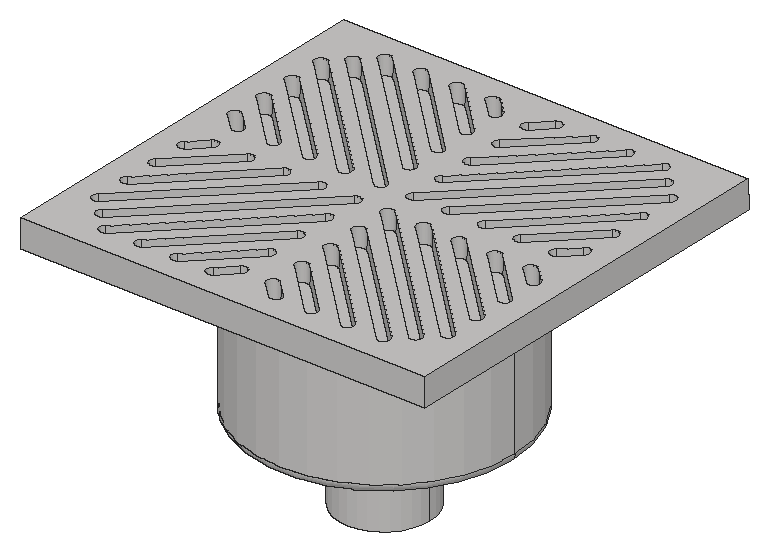
Revit family
Parameters (values of type "9620-S-2"")
  Width = 10"
  Waste Connection Radius = 1"
  Waste Connection Diameter = Waste Connection Radius * 2  # 2"
  Waste Connection = yes
  Vent Connection = no
  URL = "www.jrsmith.com"
  Price = "Prices may vary. Please consult Manufacturer Representative for most up-to-date price list."  # constant formula
  Phone Number = "416-250-5656"  # constant formula
  Omniclass Table 23 Title = "Waste Water Drains"  # constant formula
  Omniclass Table 23 Code = "23.70.50.21.24"  # constant formula
  Model = "9620-S-2\""
  Material = Metal-Jay R Smith-Stainless Steel
  Masterformat Title = "Sanitary Drains"  # constant formula
  Masterformat Number = "22 13 19.13"  # constant formula
  Manufacturer = "Jay R. Smith"
  Length = Width  # 10"
  Height = 6 3/4"
  HW Connection = no
  Description = "10\" Square topped special purpose floor drain with heavy duty rim flow grate."
  Default Elevation = 0"
  Creation Date = "27/10/2014"  # constant formula
  Created By = "Allied Technical Services"  # constant formula
  CW Connection = no
  Assembly Code = "D2030300"
  ATS URL = "http://www.atsspec.net"
Types (7): name | Waste Connection Radius | Waste Connection Diameter | Model | Height
  (no name) | 1" | 2" | "9620-S-2\"" | 6 3/4"
  9620-S-2" | 1" | 2" | "9620-S-2\"" | 6 3/4"
  9620-S-3" | 1 1/2" | 3" | "9620-S-3\"" | 6 3/4"
  9620-S-4" | 2" | 4" | "9620-S-4\"" | 6 3/4"
  9621-S-2" | 1" | 2" | "9621-S-2\"" | 8 3/4"
  9621-S-3" | 1 1/2" | 3" | "9621-S-3\"" | 8 3/4"
  9621-S-4" | 2" | 4" | "9621-S-3\"" | 8 3/4"
Reference planes (in)
  plane 1 "Center (Front/Back)": y = 0
  plane 2: z = 0
  plane 3 "Center (Left/Right)": x = 0
  plane 4: x = -5
  plane 5: x = 5
  plane 6: z = 6.75
  plane 7: z = 2
  plane 8: x = -1
  plane 9: x = 1
  plane 10: x = 0
  plane 11: y = 0
  plane 12: z = 6.29324
  plane 13: z = 6.06577
Forms (in)
  Revolve 1, solid, material "Metal-Jay R Smith-Stainless Steel" <- "Material"
    sketch origin (0, 0, 0) x (1, 0, 0) y (0, 0, 1)
      loop
        line (-3.22646, 5.04867) -> (-3.22646, 2.21875)
        arc (-3.22646, 2.21875) -> (-3.16239, 2.06407) -> (-3.00771, 2) r 0.21875
        line (-3.00771, 2) -> (-1.125, 2) -> (-1.125, 0) -> (-1, 0) -> (-1, 6.06577) -> (-3.99909, 6.06577) -> (-3.99909, 5.55572)
        arc (-3.99909, 5.55572) -> (-3.95144, 5.44069) -> (-3.83641, 5.39304) r 0.16268
        line (-3.83641, 5.39304) -> (-3.57083, 5.39304)
        arc (-3.57083, 5.39304) -> (-3.32732, 5.29218) -> (-3.22646, 5.04867) r 0.34437
      axis (0, 0) -> (0, 6.06577)
    angle from 0 to 360
  Extrusion 2, solid, material "Metal-Jay R Smith-Stainless Steel" <- "Material"
    sketch origin (-43.90802, -54.52824, 1.75) x (1, 0, 0) y (0, 1, 0)
      loop
        line (38.90802, 59.52824) -> (38.90802, 49.52824) -> (48.90802, 49.52824) -> (48.90802, 59.52824) -> (38.90802, 59.52824)
    from 4.31577 to 4.54324
  Extrusion 3, solid, material "Metal-Jay R Smith-Stainless Steel" <- "Material"
    sketch origin (0, 0, 1.75) x (1, 0, 0) y (0, 1, 0)
      loop
        line (-5, 5) -> (-5, -5) -> (5, -5) -> (5, 5) -> (-5, 5)
      loop
        arc (-4.20201, 0.88745) -> (-4.42299, 0.88745) -> (-4.42299, 0.66648) r 0.15625
        line (-4.42299, 0.66648) -> (-4.0522, 0.29569)
        arc (-4.0522, 0.29569) -> (-3.83121, 0.29585) -> (-3.83141, 0.51685) r 0.15625
        line (-3.83141, 0.51685) -> (-4.20201, 0.88745)
      loop
        arc (-4.20201, 1.77133) -> (-4.42299, 1.77133) -> (-4.42299, 1.55036) r 0.15625
        line (-4.42299, 1.55036) -> (-3.1683, 0.29568)
        arc (-3.1683, 0.29568) -> (-2.94732, 0.29586) -> (-2.94751, 0.51684) r 0.15625
        line (-2.94751, 0.51684) -> (-4.20201, 1.77133)
      loop
        arc (-4.20201, 2.65522) -> (-4.42299, 2.65522) -> (-4.42299, 2.43425) r 0.15625
        line (-4.42299, 2.43425) -> (-2.2845, 0.29576)
        arc (-2.2845, 0.29576) -> (-2.06349, 0.29581) -> (-2.06362, 0.51682) r 0.15625
        line (-2.06362, 0.51682) -> (-4.20201, 2.65522)
      loop
        arc (-4.20201, 3.5391) -> (-4.42299, 3.5391) -> (-4.42299, 3.31813) r 0.15625
        line (-4.42299, 3.31813) -> (-1.40062, 0.29576)
        arc (-1.40062, 0.29576) -> (-1.17965, 0.29576) -> (-1.17965, 0.51674) r 0.15625
        line (-1.17965, 0.51674) -> (-4.20201, 3.5391)
      loop
        arc (-0.51674, 0.29576) -> (-0.29576, 0.29576) -> (-0.29576, 0.51674) r 0.15625
        line (-0.29576, 0.51674) -> (-3.76007, 3.98104)
        arc (-3.76007, 3.98104) -> (-3.98104, 3.98104) -> (-3.98104, 3.76007) r 0.15625
        line (-3.98104, 3.76007) -> (-0.51674, 0.29576)
      loop
        arc (-0.51674, 1.17965) -> (-0.29576, 1.17965) -> (-0.29576, 1.40062) r 0.15625
        line (-0.29576, 1.40062) -> (-3.31813, 4.42299)
        arc (-3.31813, 4.42299) -> (-3.5391, 4.42299) -> (-3.5391, 4.20201) r 0.15625
        line (-3.5391, 4.20201) -> (-0.51674, 1.17965)
      loop
        arc (-0.51682, 2.06362) -> (-0.29581, 2.06349) -> (-0.29576, 2.2845) r 0.15625
        line (-0.29576, 2.2845) -> (-2.43425, 4.42299)
        arc (-2.43425, 4.42299) -> (-2.65522, 4.42299) -> (-2.65522, 4.20201) r 0.15625
        line (-2.65522, 4.20201) -> (-0.51682, 2.06362)
      loop
        arc (-0.51684, 2.94751) -> (-0.29586, 2.94732) -> (-0.29568, 3.1683) r 0.15625
        line (-0.29568, 3.1683) -> (-1.55036, 4.42299)
        arc (-1.55036, 4.42299) -> (-1.77134, 4.42299) -> (-1.77134, 4.20201) r 0.15625
        line (-1.77134, 4.20201) -> (-0.51684, 2.94751)
      loop
        arc (-0.51685, 3.83141) -> (-0.29586, 3.83121) -> (-0.29569, 4.0522) r 0.15625
        line (-0.29569, 4.0522) -> (-0.66648, 4.42299)
        arc (-0.66648, 4.42299) -> (-0.88745, 4.42299) -> (-0.88745, 4.20201) r 0.15625
        line (-0.88745, 4.20201) -> (-0.51685, 3.83141)
      loop
        line (4.20201, 0.88745) -> (3.83141, 0.51685)
        arc (3.83141, 0.51685) -> (3.83121, 0.29585) -> (4.0522, 0.29569) r 0.15625
        line (4.0522, 0.29569) -> (4.42299, 0.66648)
        arc (4.42299, 0.66648) -> (4.42299, 0.88745) -> (4.20201, 0.88745) r 0.15625
      loop
        line (4.20201, 1.77133) -> (2.94751, 0.51684)
        arc (2.94751, 0.51684) -> (2.94732, 0.29586) -> (3.1683, 0.29568) r 0.15625
        line (3.1683, 0.29568) -> (4.42299, 1.55036)
        arc (4.42299, 1.55036) -> (4.42299, 1.77133) -> (4.20201, 1.77133) r 0.15625
      loop
        line (4.20201, 2.65522) -> (2.06362, 0.51682)
        arc (2.06362, 0.51682) -> (2.06349, 0.29581) -> (2.2845, 0.29576) r 0.15625
        line (2.2845, 0.29576) -> (4.42299, 2.43425)
        arc (4.42299, 2.43425) -> (4.42299, 2.65522) -> (4.20201, 2.65522) r 0.15625
      loop
        line (4.20201, 3.5391) -> (1.17965, 0.51674)
        arc (1.17965, 0.51674) -> (1.17965, 0.29576) -> (1.40062, 0.29576) r 0.15625
        line (1.40062, 0.29576) -> (4.42299, 3.31813)
        arc (4.42299, 3.31813) -> (4.42299, 3.5391) -> (4.20201, 3.5391) r 0.15625
      loop
        line (0.51674, 0.29576) -> (3.98104, 3.76007)
        arc (3.98104, 3.76007) -> (3.98104, 3.98104) -> (3.76007, 3.98104) r 0.15625
        line (3.76007, 3.98104) -> (0.29576, 0.51674)
        arc (0.29576, 0.51674) -> (0.29576, 0.29576) -> (0.51674, 0.29576) r 0.15625
      loop
        line (0.51674, 1.17965) -> (3.5391, 4.20201)
        arc (3.5391, 4.20201) -> (3.5391, 4.42299) -> (3.31813, 4.42299) r 0.15625
        line (3.31813, 4.42299) -> (0.29576, 1.40062)
        arc (0.29576, 1.40062) -> (0.29576, 1.17965) -> (0.51674, 1.17965) r 0.15625
      loop
        line (0.51682, 2.06362) -> (2.65522, 4.20201)
        arc (2.65522, 4.20201) -> (2.65522, 4.42299) -> (2.43425, 4.42299) r 0.15625
        line (2.43425, 4.42299) -> (0.29576, 2.2845)
        arc (0.29576, 2.2845) -> (0.29581, 2.06349) -> (0.51682, 2.06362) r 0.15625
      loop
        line (0.51684, 2.94751) -> (1.77134, 4.20201)
        arc (1.77134, 4.20201) -> (1.77134, 4.42299) -> (1.55036, 4.42299) r 0.15625
        line (1.55036, 4.42299) -> (0.29568, 3.1683)
        arc (0.29568, 3.1683) -> (0.29586, 2.94732) -> (0.51684, 2.94751) r 0.15625
      loop
        line (0.51685, 3.83141) -> (0.88745, 4.20201)
        arc (0.88745, 4.20201) -> (0.88745, 4.42299) -> (0.66648, 4.42299) r 0.15625
        line (0.66648, 4.42299) -> (0.29569, 4.0522)
        arc (0.29569, 4.0522) -> (0.29586, 3.83121) -> (0.51685, 3.83141) r 0.15625
      loop
        line (-4.20201, -0.88745) -> (-3.83141, -0.51685)
        arc (-3.83141, -0.51685) -> (-3.83121, -0.29585) -> (-4.0522, -0.29569) r 0.15625
        line (-4.0522, -0.29569) -> (-4.42299, -0.66648)
        arc (-4.42299, -0.66648) -> (-4.42299, -0.88745) -> (-4.20201, -0.88745) r 0.15625
      loop
        line (-4.20201, -1.77133) -> (-2.94751, -0.51684)
        arc (-2.94751, -0.51684) -> (-2.94732, -0.29586) -> (-3.1683, -0.29568) r 0.15625
        line (-3.1683, -0.29568) -> (-4.42299, -1.55036)
        arc (-4.42299, -1.55036) -> (-4.42299, -1.77133) -> (-4.20201, -1.77133) r 0.15625
      loop
        line (-4.20201, -2.65522) -> (-2.06362, -0.51682)
        arc (-2.06362, -0.51682) -> (-2.06349, -0.29581) -> (-2.2845, -0.29576) r 0.15625
        line (-2.2845, -0.29576) -> (-4.42299, -2.43425)
        arc (-4.42299, -2.43425) -> (-4.42299, -2.65522) -> (-4.20201, -2.65522) r 0.15625
      loop
        line (-4.20201, -3.5391) -> (-1.17965, -0.51674)
        arc (-1.17965, -0.51674) -> (-1.17965, -0.29576) -> (-1.40062, -0.29576) r 0.15625
        line (-1.40062, -0.29576) -> (-4.42299, -3.31813)
        arc (-4.42299, -3.31813) -> (-4.42299, -3.5391) -> (-4.20201, -3.5391) r 0.15625
      loop
        line (-0.51674, -0.29576) -> (-3.98104, -3.76007)
        arc (-3.98104, -3.76007) -> (-3.98104, -3.98104) -> (-3.76007, -3.98104) r 0.15625
        line (-3.76007, -3.98104) -> (-0.29576, -0.51674)
        arc (-0.29576, -0.51674) -> (-0.29576, -0.29576) -> (-0.51674, -0.29576) r 0.15625
      loop
        line (-0.51674, -1.17965) -> (-3.5391, -4.20201)
        arc (-3.5391, -4.20201) -> (-3.5391, -4.42299) -> (-3.31813, -4.42299) r 0.15625
        line (-3.31813, -4.42299) -> (-0.29576, -1.40062)
        arc (-0.29576, -1.40062) -> (-0.29576, -1.17965) -> (-0.51674, -1.17965) r 0.15625
      loop
        line (-0.51682, -2.06362) -> (-2.65522, -4.20201)
        arc (-2.65522, -4.20201) -> (-2.65522, -4.42299) -> (-2.43425, -4.42299) r 0.15625
        line (-2.43425, -4.42299) -> (-0.29576, -2.2845)
        arc (-0.29576, -2.2845) -> (-0.29581, -2.06349) -> (-0.51682, -2.06362) r 0.15625
      loop
        line (-0.51684, -2.94751) -> (-1.77134, -4.20201)
        arc (-1.77134, -4.20201) -> (-1.77134, -4.42299) -> (-1.55036, -4.42299) r 0.15625
        line (-1.55036, -4.42299) -> (-0.29568, -3.1683)
        arc (-0.29568, -3.1683) -> (-0.29586, -2.94732) -> (-0.51684, -2.94751) r 0.15625
      loop
        line (-0.51685, -3.83141) -> (-0.88745, -4.20201)
        arc (-0.88745, -4.20201) -> (-0.88745, -4.42299) -> (-0.66648, -4.42299) r 0.15625
        line (-0.66648, -4.42299) -> (-0.29569, -4.0522)
        arc (-0.29569, -4.0522) -> (-0.29586, -3.83121) -> (-0.51685, -3.83141) r 0.15625
      loop
        arc (4.20201, -0.88745) -> (4.42299, -0.88745) -> (4.42299, -0.66648) r 0.15625
        line (4.42299, -0.66648) -> (4.0522, -0.29569)
        arc (4.0522, -0.29569) -> (3.83121, -0.29585) -> (3.83141, -0.51685) r 0.15625
        line (3.83141, -0.51685) -> (4.20201, -0.88745)
      loop
        arc (4.20201, -1.77133) -> (4.42299, -1.77133) -> (4.42299, -1.55036) r 0.15625
        line (4.42299, -1.55036) -> (3.1683, -0.29568)
        arc (3.1683, -0.29568) -> (2.94732, -0.29586) -> (2.94751, -0.51684) r 0.15625
        line (2.94751, -0.51684) -> (4.20201, -1.77133)
      loop
        arc (4.20201, -2.65522) -> (4.42299, -2.65522) -> (4.42299, -2.43425) r 0.15625
        line (4.42299, -2.43425) -> (2.2845, -0.29576)
        arc (2.2845, -0.29576) -> (2.06349, -0.29581) -> (2.06362, -0.51682) r 0.15625
        line (2.06362, -0.51682) -> (4.20201, -2.65522)
      loop
        arc (4.20201, -3.5391) -> (4.42299, -3.5391) -> (4.42299, -3.31813) r 0.15625
        line (4.42299, -3.31813) -> (1.40062, -0.29576)
        arc (1.40062, -0.29576) -> (1.17965, -0.29576) -> (1.17965, -0.51674) r 0.15625
        line (1.17965, -0.51674) -> (4.20201, -3.5391)
      loop
        arc (0.51674, -0.29576) -> (0.29576, -0.29576) -> (0.29576, -0.51674) r 0.15625
        line (0.29576, -0.51674) -> (3.76007, -3.98104)
        arc (3.76007, -3.98104) -> (3.98104, -3.98104) -> (3.98104, -3.76007) r 0.15625
        line (3.98104, -3.76007) -> (0.51674, -0.29576)
      loop
        arc (0.51674, -1.17965) -> (0.29576, -1.17965) -> (0.29576, -1.40062) r 0.15625
        line (0.29576, -1.40062) -> (3.31813, -4.42299)
        arc (3.31813, -4.42299) -> (3.5391, -4.42299) -> (3.5391, -4.20201) r 0.15625
        line (3.5391, -4.20201) -> (0.51674, -1.17965)
      loop
        arc (0.51682, -2.06362) -> (0.29581, -2.06349) -> (0.29576, -2.2845) r 0.15625
        line (0.29576, -2.2845) -> (2.43425, -4.42299)
        arc (2.43425, -4.42299) -> (2.65522, -4.42299) -> (2.65522, -4.20201) r 0.15625
        line (2.65522, -4.20201) -> (0.51682, -2.06362)
      loop
        arc (0.51684, -2.94751) -> (0.29586, -2.94732) -> (0.29568, -3.1683) r 0.15625
        line (0.29568, -3.1683) -> (1.55036, -4.42299)
        arc (1.55036, -4.42299) -> (1.77134, -4.42299) -> (1.77134, -4.20201) r 0.15625
        line (1.77134, -4.20201) -> (0.51684, -2.94751)
      loop
        arc (0.51685, -3.83141) -> (0.29586, -3.83121) -> (0.29569, -4.0522) r 0.15625
        line (0.29569, -4.0522) -> (0.66648, -4.42299)
        arc (0.66648, -4.42299) -> (0.88745, -4.42299) -> (0.88745, -4.20201) r 0.15625
        line (0.88745, -4.20201) -> (0.51685, -3.83141)
    from 4.54324 to 5
Cuts and joins
  joined: Extrusion 2, Extrusion 3
Dimensions and locks (in)
  "Height": plane 6 to plane 2
  "Waste Connection Diameter": plane 9 to plane 8
  "Width": plane 5 to plane 4
  plane 7 to level = 2"
  equal spacing: plane 9, plane 3 "Center (Left/Right)", plane 8
  equal spacing: plane 5, plane 3 "Center (Left/Right)", plane 4
  locked: plane 8 to Revolve 1 sketch curve at 0.125
  locked: Revolve 1 sketch curve to plane 4 at 1.00091
  locked: Revolve 1 sketch curve to plane 4 at 1.77354
  locked: plane 6 to plane 12 at 0.45676
  locked: plane 12 to plane 13 at 0.22747
  plane 6 to plane 7 = 4 3/4"
  aligned and locked: plane 8 to Revolve 1 sketch curve
  aligned and locked: Revolve 1 sketch curve to plane 7
  aligned and locked: cut or joined group of Extrusion 2, Extrusion 3 to plane 12
  aligned and locked: plane 6 to cut or joined group of Extrusion 2, Extrusion 3
  aligned and locked: plane 12 to cut or joined group of Extrusion 2, Extrusion 3
  aligned and locked: cut or joined group of Extrusion 2, Extrusion 3 to plane 13
Automatic sketch dimensions
  Revolve 1 sketch curve to plane 3 "Center (Left/Right)" = 0"
  Revolve 1 sketch curve to level = 0"
  Revolve 1 sketch curve to Revolve 1 sketch curve = 0.16268"
  Revolve 1 sketch curve to Revolve 1 sketch curve = 0.26558"
  Revolve 1 sketch curve to Revolve 1 sketch curve = 7/32"
  Revolve 1 sketch curve to level = 1 3/4"
  Revolve 1 sketch curve to Revolve 1 sketch curve = 3/4"
  Revolve 1 sketch curve to plane 6 = 1.70133"
  Revolve 1 sketch curve to Revolve 1 sketch curve = 0.51005"
  Extrusion 2 sketch curve to plane 4 = 0"
  Extrusion 2 sketch curve to plane 5 = 0"
  plane 1 "Center (Front/Back)" to Extrusion 2 sketch curve = 5"
  Extrusion 2 sketch curve to plane 1 "Center (Front/Back)" = 5"
  Extrusion 3 sketch curve to plane 10 = 5"
  Extrusion 3 sketch curve to Extrusion 3 sketch curve = 0.57701"  (x2)
  Extrusion 3 sketch curve to plane 11 = 1.55036"
  Extrusion 3 sketch curve to Extrusion 3 sketch curve = 0"  (x21)
  plane 11 to Extrusion 3 sketch curve = 0.66648"  (x2)
  Extrusion 3 sketch curve to plane 11 = 0.66648"  (x2)
  plane 11 to Extrusion 3 sketch curve = 1.55036"
  Extrusion 3 sketch curve to Extrusion 3 sketch curve = 0.11049"  (x144)
  plane 11 to Extrusion 3 sketch curve = 1.77133"
  plane 11 to Extrusion 3 sketch curve = 0.88745"  (x2)
  Extrusion 3 sketch curve to plane 11 = 0.88745"  (x2)
  Extrusion 3 sketch curve to Extrusion 3 sketch curve = 0.37079"  (x4)
  Extrusion 3 sketch curve to Extrusion 3 sketch curve = 0.22097"  (x19)
  Extrusion 3 sketch curve to Extrusion 3 sketch curve = 0.11041"  (x4)
  Extrusion 3 sketch curve to Extrusion 3 sketch curve = 0.11038"  (x8)
  Extrusion 3 sketch curve to plane 11 = 0.51685"  (x2)
  Extrusion 3 sketch curve to plane 11 = 0.29568"
  Extrusion 3 sketch curve to Extrusion 3 sketch curve = 0.66311"  (x7)
  plane 11 to Extrusion 3 sketch curve = 0.29568"  (x2)
  Extrusion 3 sketch curve to Extrusion 3 sketch curve = 0.1104"  (x12)
  Extrusion 3 sketch curve to plane 11 = 0.51684"  (x2)
  Extrusion 3 sketch curve to Extrusion 3 sketch curve = 0.11039"  (x8)
  plane 11 to Extrusion 3 sketch curve = 0.51684"
  Extrusion 3 sketch curve to Extrusion 3 sketch curve = 0.66291"  (x24)
  plane 11 to Extrusion 3 sketch curve = 0.29576"  (x6)
  Extrusion 3 sketch curve to Extrusion 3 sketch curve = 0.66301"  (x7)
  Extrusion 3 sketch curve to plane 11 = 0.29576"  (x4)
  Extrusion 3 sketch curve to plane 11 = 0.51682"
  Extrusion 3 sketch curve to Extrusion 3 sketch curve = 0.663"  (x6)
  plane 11 to Extrusion 3 sketch curve = 0.51674"  (x2)
  Extrusion 3 sketch curve to plane 11 = 0.51674"  (x3)
  Extrusion 3 sketch curve to plane 10 = 0.51685"  (x2)
  Extrusion 3 sketch curve to plane 10 = 0.51684"  (x2)
  Extrusion 3 sketch curve to plane 10 = 0.51682"  (x2)
  Extrusion 3 sketch curve to plane 10 = 0.51674"  (x4)
  Extrusion 3 sketch curve to Extrusion 3 sketch curve = 0.1106"  (x6)
  Extrusion 3 sketch curve to Extrusion 3 sketch curve = 0.11059"  (x5)
  Extrusion 3 sketch curve to Extrusion 3 sketch curve = 0.11057"  (x9)
  Extrusion 3 sketch curve to Extrusion 3 sketch curve = 0.11056"  (x6)
  plane 10 to Extrusion 3 sketch curve = 0.29568"  (x2)
  plane 10 to Extrusion 3 sketch curve = 0.29569"  (x2)
  plane 10 to Extrusion 3 sketch curve = 0.29576"  (x6)
  plane 11 to Extrusion 3 sketch curve = 0.29569"  (x2)
  Extrusion 3 sketch curve to Extrusion 3 sketch curve = 0.37061"  (x7)
  Extrusion 3 sketch curve to plane 11 = 1.77133"
  Extrusion 3 sketch curve to Extrusion 3 sketch curve = 1.12944"  (x3)
  Extrusion 3 sketch curve to Extrusion 3 sketch curve = 1 35/64"
  Extrusion 3 sketch curve to Extrusion 3 sketch curve = 0.88388"
  Extrusion 3 sketch curve to Extrusion 3 sketch curve = 0.22106"
Connectors (in)
  piping at (0, 0, 0), driven by "Waste Connection Radius"
    settings: on Revolve 1, index 1
